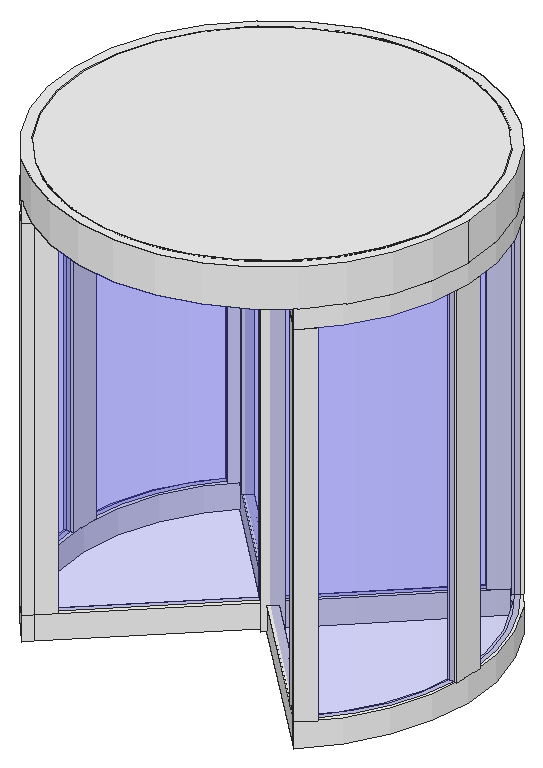
Revit family "0040_M_DR_W_revolving", category 문, Revit 2026
Family settings
  호스트 = 벽
  항상 수직 = 예
  로드될 때 보이드를 사용하여 절단 = 아니오
  공유 = 아니오
  룸 계산 점 = 아니오
Parameters (values of type "84" Diameter")
  기능 = 내부
  glass rad outer = (Diameter / 2) - 0' 0.4921"  # 3' - 5.5079"
  glass rad mid = (Diameter / 2) - 0' 0.9843"  # 3' - 5.0157"
  glass rad inner = (Diameter / 2) - 0' 1.4764"  # 3' - 4.5236"
  벽 마무리 = 호스트별
  Door Panel Material = Metal - Chrome
  Door Frame Material = Metal - Chrome
  Diameter = 7' - 0"
  Height = 7' - 8"
  TopThickness = 0' - 8"
  조합 코드 = "B2030300"
Types (4): name | glass rad outer | glass rad mid | glass rad inner | Diameter | Height | TopThickness | 조합 코드
  96" Diameter | 3' - 11.5079" | 3' - 11.0157" | 3' - 10.5236" | 8' - 0" | 7' - 8" | 0' - 8" | "B2030300"
  72" Diameter | 2' - 11.5079" | 2' - 11.0157" | 2' - 10.5236" | 6' - 0" | 7' - 8" | 0' - 8" | "B2030300"
  84" Diameter | 3' - 5.5079" | 3' - 5.0157" | 3' - 4.5236" | 7' - 0" | 7' - 8" | 0' - 8" | "B2030300"
  2100mm - Diameter | 3' - 4.84774" | 3' - 4.35554" | 3' - 3.86344" | 6' - 10 87/128" | 7' - 10 31/64" | 0' - 11 13/16" | 0' - 0"
Reference planes (in)
  plane 1: y = 0
  plane 2: z = 0
  plane 3 "Center": x = 0
  plane 4 "Left": x = -42
  plane 5 "Right": x = 42
  plane 6 "Top": z = 92
  plane 7: through (0, 0, 0) normal (0.7071, 0.7071, 0)
  plane 8: through (0, 0, 0) normal (0.7071, -0.7071, 0)
  plane 9: through (0.70711, 0.70711, 0) normal (0.7071, 0.7071, 0)
  plane 10: through (-0.70711, -0.70711, 0) normal (0.7071, 0.7071, 0)
  plane 11: through (0.70711, -0.70711, 0) normal (0.7071, -0.7071, 0)
  plane 12: through (-0.70711, 0.70711, 0) normal (0.7071, -0.7071, 0)
  plane 13: z = 84
  plane 14: z = 80
  plane 15: z = 5
  plane 16: y = 3
  plane 17: y = -3
  plane 18: x = -40
  plane 19: x = 40
Forms (in)
  Extrusion 1, solid, material "Metal - Chrome" <- "Door Panel Material"
    sketch origin (0, 0, 0) x (1, 0, 0) y (0, 1, 0)
      loop
        line (-2.82843, 0) -> (0, -2.82843) -> (2.82843, 0) -> (0, 2.82843) -> (-2.82843, 0)
    from 0 to 84
  Extrusion 2, solid, material "Metal - Chrome" <- "Door Frame Material"
    sketch origin (0, 0, 96) x (1, 0, 0) y (0, 1, 0)
      loop
        circle (0, 0) r 42
      loop
        circle (0, 0) r 40
    from -4 to -12
  Extrusion 3, solid, material "Metal - Chrome" <- "Door Panel Material"
    sketch origin (0, 0, 0) x (1, 0, 0) y (0, 1, 0)
      loop
        arc (-28.98254, -27.56832) -> (-28.28427, -28.28427) -> (-27.56832, -28.98254) r 40
        line (-27.56832, -28.98254) -> (-0.70711, -2.12132) -> (-2.12132, -0.70711) -> (-28.98254, -27.56832)
      loop
        line (-0.70711, 2.12132) -> (-27.56832, 28.98254)
        arc (-27.56832, 28.98254) -> (-28.28427, 28.28427) -> (-28.98254, 27.56832) r 40
        line (-28.98254, 27.56832) -> (-2.12132, 0.70711) -> (-0.70711, 2.12132)
      loop
        arc (27.56832, -28.98254) -> (28.28427, -28.28427) -> (28.98254, -27.56832) r 40
        line (28.98254, -27.56832) -> (2.1214, -0.70718) -> (0.69678, -2.111) -> (27.56832, -28.98254)
      loop
        line (2.12132, 0.70711) -> (28.98254, 27.56832)
        arc (28.98254, 27.56832) -> (28.28427, 28.28427) -> (27.56832, 28.98254) r 40
        line (27.56832, 28.98254) -> (0.70711, 2.12132) -> (2.12132, 0.70711)
    from 0 to 5
  Extrusion 4, solid, material "Metal - Chrome" <- "Door Frame Material"
    sketch origin (0, 0, 0) x (1, 0, 0) y (0, 1, 0)
      loop
        circle (0, 0) r 40
    from 84 to 92
  Extrusion 5, solid, material "Metal - Chrome" <- "Door Frame Material"
    sketch origin (0, 0, 0) x (1, 0, 0) y (0, 1, 0)
      loop
        arc (-28.98296, 30.39717) -> (-42, 0) -> (-28.98296, -30.39717) r 42
        line (-28.98296, -30.39717) -> (-27.56832, -28.98254)
        arc (-27.56832, -28.98254) -> (-40, 0) -> (-27.56832, 28.98254) r 40
        line (-27.56832, 28.98254) -> (-28.98296, 30.39717)
      loop
        arc (28.98296, -30.39717) -> (42, 0) -> (28.98296, 30.39717) r 42
        line (28.98296, 30.39717) -> (27.56832, 28.98254)
        arc (27.56832, 28.98254) -> (40, 0) -> (27.56832, -28.98254) r 40
        line (27.56832, -28.98254) -> (28.98296, -30.39717)
    from 0 to 5
  Extrusion 6, solid, material "Metal - Chrome" <- "Door Frame Material"
    sketch origin (0, 0, 0) x (1, 0, 0) y (0, 1, 0)
      loop
        arc (-28.98296, 30.39717) -> (-30.39796, 28.98214) -> (-31.74395, 27.50131) r 42
        line (-31.74395, 27.50131) -> (-30.32593, 26.08329)
        arc (-30.32593, 26.08329) -> (-28.9834, 27.56742) -> (-27.56832, 28.98254) r 40
        line (-27.56832, 28.98254) -> (-28.98296, 30.39717)
      loop
        arc (-27.56832, -28.98254) -> (-28.9834, -27.56742) -> (-30.32593, -26.08329) r 40
        line (-30.32593, -26.08329) -> (-31.74521, -27.50257)
        arc (-31.74521, -27.50257) -> (-30.39922, -28.9834) -> (-28.98422, -30.39844) r 42.00179
        line (-28.98422, -30.39844) -> (-27.56832, -28.98254)
      loop
        arc (-41.89272, 3) -> (-42, 0) -> (-41.89272, -3) r 42
        line (-41.89272, -3) -> (-39.88734, -3)
        arc (-39.88734, -3) -> (-40, 0) -> (-39.88734, 3) r 40
        line (-39.88734, 3) -> (-41.89272, 3)
      loop
        arc (27.56832, 28.98254) -> (28.9834, 27.56742) -> (30.32593, 26.08329) r 40
        line (30.32593, 26.08329) -> (31.7441, 27.50146)
        arc (31.7441, 27.50146) -> (30.39811, 28.98229) -> (28.98312, 30.39733) r 42.00022
        line (28.98312, 30.39733) -> (27.56832, 28.98254)
      loop
        arc (28.98296, -30.39717) -> (30.39796, -28.98214) -> (31.74395, -27.50131) r 42
        line (31.74395, -27.50131) -> (30.32577, -26.08313)
        arc (30.32577, -26.08313) -> (28.98324, -27.56726) -> (27.56817, -28.98238) r 39.99978
        line (27.56817, -28.98238) -> (28.98296, -30.39717)
      loop
        arc (39.86739, 3) -> (39.9801, 0) -> (39.86739, -3) r 39.9801
        line (39.86739, -3) -> (41.87478, -3)
        arc (41.87478, -3) -> (41.98211, 0) -> (41.87478, 3) r 41.98211
        line (41.87478, 3) -> (39.86739, 3)
    from 5 to 80
  Extrusion 7, solid, material "Metal - Chrome" <- "Door Frame Material"
    sketch origin (0, 0, 0) x (1, 0, 0) y (0, 1, 0)
      loop
        arc (-28.98296, 30.39717) -> (-42, 0) -> (-28.98296, -30.39717) r 42
        line (-28.98296, -30.39717) -> (-27.56832, -28.98254)
        arc (-27.56832, -28.98254) -> (-40, 0) -> (-27.56832, 28.98254) r 40
        line (-27.56832, 28.98254) -> (-28.98296, 30.39717)
      loop
        arc (28.98296, -30.39717) -> (42, 0) -> (28.98296, 30.39717) r 42
        line (28.98296, 30.39717) -> (27.56832, 28.98254)
        arc (27.56832, 28.98254) -> (40, 0) -> (27.56832, -28.98254) r 40
        line (27.56832, -28.98254) -> (28.98296, -30.39717)
    from 80 to 84
  Extrusion 8, solid, material "Metal - Chrome" <- "Door Panel Material"
    sketch origin (0, 0, 0) x (1, 0, 0) y (0, 1, 0)
      loop
        line (-27.56832, -28.98254) -> (-0.70711, -2.12132) -> (-2.12132, -0.70711) -> (-28.98254, -27.56832)
        arc (-28.98254, -27.56832) -> (-28.28427, -28.28427) -> (-27.56832, -28.98254) r 40
      loop
        line (-2.12132, 0.70711) -> (-0.70711, 2.12132) -> (-27.56832, 28.98254)
        arc (-27.56832, 28.98254) -> (-28.28427, 28.28427) -> (-28.98254, 27.56832) r 40
        line (-28.98254, 27.56832) -> (-2.12132, 0.70711)
      loop
        line (27.56832, 28.98254) -> (0.70711, 2.12132) -> (2.12132, 0.70711) -> (28.98254, 27.56832)
        arc (28.98254, 27.56832) -> (28.28427, 28.28427) -> (27.56832, 28.98254) r 40
      loop
        line (28.98254, -27.56832) -> (2.1214, -0.70718) -> (0.69678, -2.111) -> (27.56832, -28.98254)
        arc (27.56832, -28.98254) -> (28.28427, -28.28427) -> (28.98254, -27.56832) r 40
    from 80 to 84
  Extrusion 9, solid, material "Metal - Chrome" <- "Door Panel Material"
    sketch origin (0, 0, 0) x (1, 0, 0) y (0, 1, 0)
      loop
        arc (-28.98254, -27.56832) -> (-28.28427, -28.28427) -> (-27.56832, -28.98254) r 40
        line (-27.56832, -28.98254) -> (-24.73851, -26.15272) -> (-26.15272, -24.73851) -> (-28.98254, -27.56832)
      loop
        arc (-27.56832, 28.98254) -> (-28.28427, 28.28427) -> (-28.98254, 27.56832) r 40
        line (-28.98254, 27.56832) -> (-26.15411, 24.7399) -> (-24.7399, 26.15411) -> (-27.56832, 28.98254)
      loop
        arc (28.98254, 27.56832) -> (28.28427, 28.28427) -> (27.56832, 28.98254) r 40
        line (27.56832, 28.98254) -> (24.7399, 26.15411) -> (26.15411, 24.7399) -> (28.98254, 27.56832)
      loop
        arc (27.56832, -28.98254) -> (28.28427, -28.28427) -> (28.98254, -27.56832) r 40
        line (28.98254, -27.56832) -> (26.15411, -24.7399) -> (24.7399, -26.15411) -> (27.56832, -28.98254)
    from 5 to 80
  Extrusion 10, solid, material "Glass"
    sketch origin (0, 0, 0) x (1, 0, 0) y (0, 1, 0)
      loop
        line (-25.09206, -25.79917) -> (-1.06066, -1.76777) -> (-1.76777, -1.06066) -> (-25.79917, -25.09206) -> (-25.09206, -25.79917)
      loop
        line (25.80056, -25.09345) -> (1.76777, -1.06066) -> (1.06066, -1.76777) -> (25.09345, -25.80056) -> (25.80056, -25.09345)
      loop
        line (25.09345, 25.80056) -> (1.06066, 1.76777) -> (1.76777, 1.06066) -> (25.80056, 25.09345) -> (25.09345, 25.80056)
      loop
        line (-25.80056, 25.09345) -> (-1.76777, 1.06066) -> (-1.06066, 1.76777) -> (-25.09345, 25.80056) -> (-25.80056, 25.09345)
    from 5 to 80
  Extrusion 11, solid, material "Glass"
    sketch origin (0, 0, 0) x (1, 0, 0) y (0, 1, 0)
      loop
        arc (-31.39508, 27.15244) -> (-38.3483, 15.88439) -> (-41.39934, 3) r 41.5079
        line (-41.39934, 3) -> (-40.4124, 3)
        arc (-40.4124, 3) -> (-37.43545, 15.51609) -> (-30.68536, 26.4683) r 40.5236
        line (-30.68536, 26.4683) -> (-31.39508, 27.15244)
      loop
        arc (-30.6972, -26.45456) -> (-37.43892, -15.50771) -> (-40.4124, -3) r 40.5236
        line (-40.4124, -3) -> (-41.39934, -3)
        arc (-41.39934, -3) -> (-38.35176, -15.87602) -> (-31.40692, -27.13874) r 41.5079
        line (-31.40692, -27.13874) -> (-30.6972, -26.45456)
    from 5 to 80
  Extrusion 12, solid, material "Glass"
    sketch origin (0, 0, 0) x (1, 0, 0) y (0, 1, 0)
      loop
        arc (31.39508, -27.15244) -> (38.3483, -15.88439) -> (41.39934, -3) r 41.5079
        line (41.39934, -3) -> (40.4124, -3)
        arc (40.4124, -3) -> (37.43892, -15.50771) -> (30.6972, -26.45456) r 40.5236
        line (30.6972, -26.45456) -> (31.39508, -27.15244)
      loop
        arc (30.6972, 26.45456) -> (37.43892, 15.50771) -> (40.4124, 3) r 40.5236
        line (40.4124, 3) -> (41.39934, 3)
        arc (41.39934, 3) -> (38.3483, 15.88439) -> (31.39508, 27.15244) r 41.5079
        line (31.39508, 27.15244) -> (30.6972, 26.45456)
    from 5 to 80
Lines and regions (in)
  Opening 1
    outline origin (-90, -3, 0) x (1, 0, 0) y (0, 0, 1)
      loop
        line (48, 0) -> (132, 0) -> (132, 92) -> (48, 92) -> (48, 0)
  symbolic lines, style "DoorsGlassProjection"
    curve 1: arc (-31.05203, -26.79662, 0) -> (-37.8953, -15.69185, 0) -> (-40.90584, -3, 0) r 41.0157
    curve 2: arc (-40.90584, 3, 0) -> (-37.89183, 15.70022, 0) -> (-31.04019, 26.81034, 0) r 41.0157
    curve 3: arc (31.04612, -26.80348, 0) -> (37.89357, -15.69603, 0) -> (40.90584, -3, 0) r 41.0157
    curve 4: arc (40.90584, 3, 0) -> (37.89357, 15.69603, 0) -> (31.04612, 26.80348, 0) r 41.0157
    curve 5: line (-1.41421, 1.41421, 0) -> (-25.447, 25.447, 0)
    curve 6: line (1.41421, 1.41421, 0) -> (25.447, 25.447, 0)
    curve 7: line (1.41421, -1.41421, 0) -> (25.447, -25.447, 0)
    curve 8: line (-1.41421, -1.41421, 0) -> (-25.44562, -25.44562, 0)
  symbolic lines, style "Plan Swing"
    curve 9: arc (-27.58676, 29.00097, 0) -> (1, 40.01356, 0) -> (29.00097, 27.58676, 0) r 40.02606
    curve 10: arc (-27.59718, -29.01139, 0) -> (0, -40.0408, 0) -> (27.59718, -29.01139, 0) r 40.0408
Text (in)
  text "Exterior" at (-94.77921, 27.31104, 0), in view "Floor Line"
  text "Interior" at (-94.77921, -23.90286, 0), in view "Floor Line"
  text "Exterior" at (0, 40.15149, 123.01588), in view "Right"
  text "Interior" at (0, -64.39139, 123.01588), in view "Right"
  text "Interior" at (0, -31.01599, 123.00693), in view "Left"
  text "Exterior" at (0, 54.57065, 123.00693), in view "Left"
Dimensions and locks (in)
  equal spacing: plane 4 "Left", plane 3 "Center", plane 5 "Right"
  "TopThickness": plane 13 to plane 6 "Top"
  "Height": plane 6 "Top" to host wall
  "Diameter": plane 4 "Left" to plane 5 "Right"
  locked: plane 14 to plane 13 at 4
  locked: level to plane 15 at 5
  locked: plane 16 to host wall
  locked: plane 17 to host wall
  locked: plane 4 "Left" to plane 18 at 2
  locked: plane 19 to plane 5 "Right" at 2
  locked: plane 9 to Extrusion 6 sketch curve at 4
  locked: plane 11 to Extrusion 6 sketch curve at 4
  locked: Extrusion 6 sketch curve to plane 10 at 4
  locked: Extrusion 6 sketch curve to plane 12 at 4
  locked: Extrusion 9 sketch curve to Extrusion 9 sketch curve at 4.00196
  locked: Extrusion 9 sketch curve to Extrusion 9 sketch curve at 4  (x3)
  locked: Extrusion 12 sketch curve to plane 10 at 4
  locked: Extrusion 12 sketch curve to plane 12 at 4
  "glass rad inner": radius of Extrusion 11 sketch curve  (x2)
  "glass rad outer": radius of Extrusion 11 sketch curve  (x2)
  "glass rad outer": radius of Extrusion 12 sketch curve  (x2)
  "glass rad inner": radius of Extrusion 12 sketch curve  (x2)
  "glass rad mid": radius of curve 1
  "glass rad mid": radius of curve 2
  "glass rad mid": radius of curve 3
  "glass rad mid": radius of curve 4
  locked: plane 7 to plane 1 (angle 45.00°)  (x2)
  locked: plane 1 to plane 8 (angle 45.00°)  (x2)
  aligned and locked: plane 4 "Left" to Opening 1 sketch curve
  aligned and locked: plane 6 "Top" to Opening 1 sketch curve  (x2)
  aligned and locked: Opening 1 sketch curve to plane 5 "Right"
  aligned and locked: Opening 1 sketch curve to level
  aligned and locked: host wall to Extrusion 2 sketch curve
  aligned and locked: plane 18 to Extrusion 2 sketch curve
  aligned and locked: Extrusion 2 to host wall
  aligned and locked: Extrusion 3 sketch curve to Extrusion 2  (x2)
  aligned and locked: Extrusion 1 to Extrusion 3 sketch curve  (x3)
  aligned and locked: plane 11 to Extrusion 3 sketch curve  (x2)
  aligned and locked: plane 12 to Extrusion 3 sketch curve  (x2)
  aligned and locked: Extrusion 3 to plane 15
  aligned and locked: plane 10 to Extrusion 3 sketch curve  (x2)
  aligned and locked: plane 9 to Extrusion 3 sketch curve
  aligned and locked: Extrusion 4 to plane 6 "Top"
  aligned and locked: Extrusion 4 to plane 13
  aligned and locked: Extrusion 4 sketch curve to Extrusion 2
  aligned and locked: Extrusion 2 to plane 13
  aligned and locked: Extrusion 3 sketch curve to plane 9
  aligned and locked: Extrusion 3 sketch curve to Extrusion 4  (x2)
  aligned and locked: Extrusion 5 sketch curve to Extrusion 2  (x2)
  aligned and locked: Extrusion 5 sketch curve to Extrusion 4  (x2)
  aligned and locked: plane 9 to Extrusion 5 sketch curve
  aligned and locked: plane 11 to Extrusion 5 sketch curve
  aligned and locked: Extrusion 5 to plane 15
  aligned and locked: Extrusion 6 sketch curve to Extrusion 5  (x7)
  aligned and locked: Extrusion 5 to Extrusion 6 sketch curve
  aligned and locked: Extrusion 6 sketch curve to host wall  (x2)
  aligned and locked: Extrusion 6 to plane 14
  aligned and locked: plane 15 to Extrusion 6
  aligned and locked: Extrusion 7 sketch curve to Extrusion 2
  aligned and locked: Extrusion 7 sketch curve to Extrusion 4
  aligned and locked: plane 11 to Extrusion 7 sketch curve
  aligned and locked: plane 13 to Extrusion 7
  aligned and locked: plane 14 to Extrusion 7
  aligned and locked: plane 13 to Extrusion 1
  aligned and locked: plane 10 to Extrusion 5 sketch curve
  aligned and locked: plane 12 to Extrusion 5 sketch curve
  aligned and locked: Extrusion 7 sketch curve to Extrusion 5  (x4)
  aligned and locked: Extrusion 8 sketch curve to Extrusion 3  (x16)
  aligned and locked: plane 13 to Extrusion 8
  aligned and locked: plane 14 to Extrusion 8
  aligned and locked: Extrusion 9 sketch curve to Extrusion 3  (x4)
  aligned and locked: Extrusion 9 to plane 14
  aligned and locked: plane 15 to Extrusion 9
  aligned and locked: Extrusion 9 to Extrusion 10 sketch curve  (x4)
  aligned and locked: Extrusion 1 to Extrusion 10 sketch curve  (x4)
  aligned and locked: Extrusion 10 to plane 14
  aligned and locked: plane 15 to Extrusion 10
  aligned and locked: Extrusion 11 to plane 14
  aligned and locked: plane 15 to Extrusion 11
  aligned and locked: Extrusion 12 to plane 14
  aligned and locked: plane 15 to Extrusion 12
  aligned and locked: Extrusion 6 to curve 1
  aligned and locked: Extrusion 11 to curve 1
  aligned and locked: Extrusion 11 to curve 2  (x2)
  aligned and locked: Extrusion 6 to curve 3  (x2)
  aligned and locked: Extrusion 12 to curve 4  (x2)
  aligned and locked: Extrusion 1 to curve 5
  aligned and locked: Extrusion 9 to curve 5
  aligned and locked: Extrusion 1 to curve 6
  aligned and locked: Extrusion 9 to curve 6
  aligned and locked: plane 8 to curve 6
  aligned and locked: Extrusion 1 to curve 7
  aligned and locked: Extrusion 9 to curve 7
  aligned and locked: Extrusion 1 to curve 8
  aligned and locked: Extrusion 9 to curve 8
Automatic sketch dimensions
  Extrusion 1 sketch curve to plane 1 = 0' - 0"  (x2)
  Extrusion 1 sketch curve to plane 3 "Center" = 0' - 0"  (x2)
  Extrusion 1 sketch curve to plane 3 "Center" = 0' - 2.82843"
  Extrusion 2 sketch curve to host wall = 0' - 0"
  Extrusion 2 sketch curve to plane 4 "Left" = 0' - 0"
  Extrusion 2 sketch curve to plane 3 "Center" = 0' - 0"  (x2)
  plane 3 "Center" to Extrusion 3 sketch curve = 0' - 0.69678"
  host wall to Extrusion 3 sketch curve = 0' - 0.70718"
  Extrusion 7 sketch curve to plane 9 = 0' - 0"  (x2)
  Extrusion 6 sketch curve to host wall = 0' - 0"  (x10)
  Extrusion 6 sketch curve to plane 3 "Center" = 0' - 0"  (x8)
  Extrusion 6 sketch curve to plane 4 "Left" = 0' - 2.11266"
  Extrusion 6 sketch curve to plane 4 "Left" = 0' - 0.10728"
  Extrusion 6 sketch curve to Extrusion 6 sketch curve = 0' - 1.41928"
  Extrusion 6 sketch curve to Extrusion 6 sketch curve = 0' - 1.41802"
  Extrusion 6 sketch curve to Extrusion 6 sketch curve = 0' - 1.41479"  (x2)
  plane 5 "Right" to Extrusion 6 sketch curve = 0' - 0.12522"
  Extrusion 6 sketch curve to Extrusion 6 sketch curve = 0' - 2.00739"
  Extrusion 9 sketch curve to plane 12 = 0' - 0"  (x4)
  Extrusion 9 sketch curve to plane 10 = 0' - 0"  (x3)
  Extrusion 9 sketch curve to plane 9 = 0' - 0"  (x3)
  Extrusion 9 sketch curve to plane 11 = 0' - 0"  (x2)
  plane 3 "Center" to Extrusion 10 sketch curve = 0' - 1.06066"  (x2)
  plane 8 to Extrusion 10 sketch curve = 0' - 0 1/2"  (x2)
  Extrusion 10 sketch curve to plane 8 = 0' - 0 1/2"
  Extrusion 10 sketch curve to plane 7 = 0' - 0 1/2"
  plane 7 to Extrusion 10 sketch curve = 0' - 0 1/2"
  host wall to Extrusion 10 sketch curve = 0' - 1.06066"
  Extrusion 11 sketch curve to host wall = 0' - 0"  (x6)
  Extrusion 11 sketch curve to plane 3 "Center" = 0' - 0"  (x4)
  Extrusion 11 sketch curve to plane 12 = 0' - 2"
  Extrusion 11 sketch curve to Extrusion 11 sketch curve = 0' - 0.70972"  (x2)
  Extrusion 11 sketch curve to plane 10 = 0' - 2"
  Extrusion 12 sketch curve to host wall = 0' - 0"  (x6)
  Extrusion 12 sketch curve to plane 3 "Center" = 0' - 0"  (x4)
  curve 9 to plane 9 = 0' - 0"
  curve 10 to plane 11 = 0' - 0"
  curve 5 to plane 7 = 0' - 0"  (x2)
  curve 8 to plane 8 = 0' - 0"  (x2)
  curve 9 to host wall = 0' - 0"
  curve 9 to plane 3 "Center" = 0' - 0"
  curve 3 to host wall = 0' - 0"
  curve 3 to plane 3 "Center" = 0' - 0"
  curve 1 to host wall = 0' - 0"
  curve 1 to plane 3 "Center" = 0' - 0"
  curve 2 to host wall = 0' - 0"
  curve 2 to plane 3 "Center" = 0' - 0"
  curve 10 to host wall = 0' - 0"
  curve 10 to plane 3 "Center" = 0' - 0"
  curve 4 to host wall = 0' - 0"
  curve 4 to plane 3 "Center" = 0' - 0"
  curve 7 to plane 7 = 0' - 0"  (x2)
  curve 10 to plane 10 = 0' - 0"
  curve 9 to plane 11 = 0' - 0"
  curve 2 to curve 9 = 0' - 3.45343"
  curve 1 to curve 10 = 0' - 3.45485"
